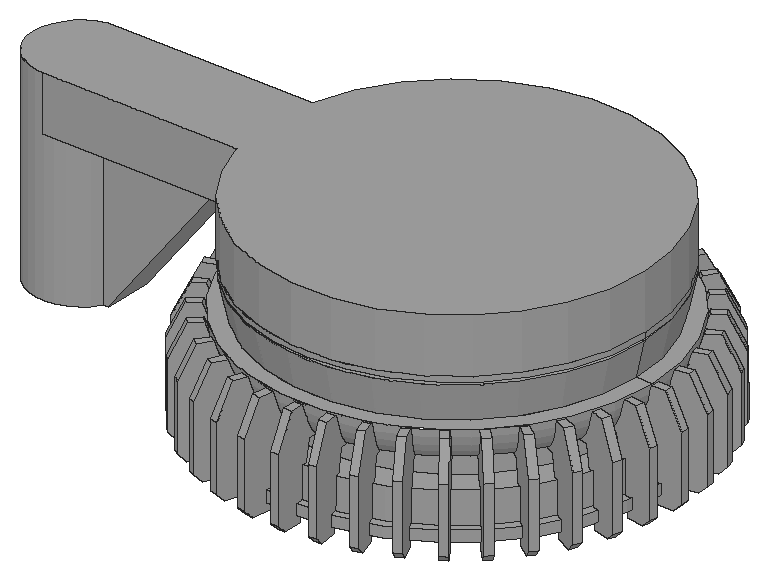
Revit family "KSL_Kemlu-Sanchion [0deg] Mount", category Lighting Fixtures, host Face, Revit 2021
Family settings
  Host = Face
  Round Connector Dimension = Use Diameter
  Part Type = Normal
  OmniClass Number = 23.80.70.14
  OmniClass Title = Luminaries for External Lighting
  Cut with Voids When Loaded = No
  Light Source = Yes
  Shared = No
  Room Calculation Point = No
Parameters (values of type "KSL-18L-X-5K-5M")
  Wattage Comments = "43 Watts"
  Wattage = 43 W
  Watt = 43 W
  built-in parameter 1150110 = 1 (stored number, unit not read)
  Voltage = 277 V
  URL = "https://www.currentlighting.com/columbia"
  built-in parameter 1114217 = 1 (stored number, unit not read)
  Tilt Angle = -90.00°
  built-in parameter 1150109 = 1 (stored number, unit not read)
  built-in parameter 1150134 = 2
  built-in parameter 1150113 = 1 (stored number, unit not read)
  Product Page URL = ""
  Product Documentation Link = ""
  Power Factor = 1
  Photometric Web File = "KXL-18L-X-5K-5M.ies"
  Optics = "Type V Square"
  Mount = "Stanchion 0˚"  # constant formula
  Model = "KSL - Kemlux III LED Series"  # constant formula
  Material Finish = Powdercoat - Gray
  Manufacturer = " Columbia Lighting"  # constant formula
  built-in parameter 1150105 = 352.45 (stored number, unit not read)
  Lumens = 4429 lm
  built-in parameter 1150115 = 1 (stored number, unit not read)
  Load Classification = Lighting
  built-in parameter 1150137 = (empty or 0)
  built-in parameter 1150139 = (empty or 0)
  built-in parameter 1150112 = 1 (stored number, unit not read)
  built-in parameter 1150114 = 1 (stored number, unit not read)
  Lamp = "18 High Performanc LEDs"
  built-in parameter 1150132 = (empty or 0)
  built-in parameter 1150102 = (empty or 0)
  built-in parameter 1150107 = 5000 (stored number, unit not read)
  built-in parameter 1150138 = (empty or 0)
  built-in parameter 1150106 = 3.5245 (stored number, unit not read)
  Glass = White Glass
  Emit from Circle Diameter = 0' - 11"
  Emit Shape Visible in Rendering = no
  built-in parameter 1150104 = 9.569 (stored number, unit not read)
  Dimming Lamp Color Temperature Shift = <None>
  Description = "Enclosed and gasketed LED fixture series"  # constant formula
  Default Elevation = 4' - 0"
  Color Filter = 16777215
  built-in parameter 1114218 = 1 (stored number, unit not read)
  built-in parameter 1150133 = 10 (stored number, unit not read)
  Apparent Load = Watt / Power Factor  # 43 VA
Reference planes (in)
  plane 1 "Center (Front/Back)": y = 0
  plane 2: z = 0
  plane 3 "Center (Left/Right)": x = 0
  plane 4: z = 6.5
  plane 5: z = 4.75
  plane 6: x = 12
  plane 7: y = 0.75
  plane 8: y = -0.75
  plane 9: y = 1.5
  plane 10: y = -1.5
Forms (in)
  Extrusion 1, solid, material "Powdercoat - Gray" <- "Material Finish"
    sketch origin (0, 0, 0) x (1, 0, 0) y (0, 1, 0)
      loop
        circle (0, 0) r 1.5
    from 0 to 6.5
  Extrusion 2, solid, material "Powdercoat - Gray" <- "Material Finish"
    sketch origin (0, 0, 0) x (1, 0, 0) y (0, 1, 0)
      loop
        line (0, 1.5) -> (0, -1.5) -> (6.19052, -1.5)
        arc (6.19052, -1.5) -> (18, 0) -> (6.19052, 1.5) r 6
        line (6.19052, 1.5) -> (0, 1.5)
    from 6.5 to 4.75
  Extrusion 3, solid, material "Powdercoat - Gray" <- "Material Finish"
    sketch origin (0, 0, 0) x (1, 0, 0) y (0, 0, 1)
      loop
        line (0, 5.53932) -> (0, 0) -> (1.5, 0) -> (5.759, 5.53932) -> (0, 5.53932)
    from 0.75 to -0.75
Cuts and joins
  joined: Extrusion 1, Extrusion 2, Extrusion 3
Lines and regions (in)
  reference lines
    curve 1: line (-5.55547, 0, 5.53932) -> (10.19453, 0, 5.53932)
    curve 2: line (7.29478, 0, 7.53677) -> (-0.62911, 0, -2.76915)
Dimensions and locks (in)
  plane 4 to plane 2 = 0' - 6 1/2"
  locked: plane 4 to plane 5 at 1.75
  locked: plane 6 to plane 3 "Center (Left/Right)" at 12
  equal spacing: plane 8, plane 1 "Center (Front/Back)", plane 7, locked at 0.75 each
  equal spacing: plane 9, plane 1 "Center (Front/Back)", plane 10, locked at 1.5 each
  aligned and locked: plane 2 to host face
  aligned and locked: level to host face
  aligned and locked: plane 4 to Extrusion 1
  aligned and locked: Extrusion 1 to plane 2
  aligned and locked: nested 1 to plane 6
  aligned and locked: plane 1 "Center (Front/Back)" to Extrusion 2 sketch curve
  aligned and locked: plane 6 to Extrusion 2 sketch curve
  aligned and locked: nested 1 to plane 1 "Center (Front/Back)"
  aligned and locked: plane 8 to Extrusion 3
  aligned and locked: plane 7 to Extrusion 3
  aligned and locked: plane 3 "Center (Left/Right)" to Extrusion 1 sketch curve
  aligned and locked: plane 1 "Center (Front/Back)" to Extrusion 1 sketch curve
  aligned and locked: plane 9 to cut or joined group of Extrusion 1, Extrusion 2, Extrusion 3
  aligned and locked: plane 10 to cut or joined group of Extrusion 1, Extrusion 2, Extrusion 3
  aligned and locked: Extrusion 2 to Extrusion 1
  aligned and locked: Extrusion 2 to plane 5
  aligned and locked: imposter light to plane 6
  aligned and locked: imposter light to nested 1
  aligned and locked: plane 1 "Center (Front/Back)" to imposter light
  aligned and locked: Extrusion 3 sketch curve to plane 3 "Center (Left/Right)"
  aligned and locked: plane 2 to Extrusion 3 sketch curve
  aligned and locked: curve 1 to Extrusion 3 sketch curve
  aligned and locked: curve 2 to Extrusion 3 sketch curve
Automatic sketch dimensions
  host sketch curve to host sketch curve = 8' - 0"  (x2)
  Extrusion 2 sketch curve to plane 3 "Center (Left/Right)" = 0' - 0"
  plane 8 to Extrusion 2 sketch curve = 0' - 0 3/4"
  Extrusion 2 sketch curve to plane 6 = 0' - 5.80948"
  plane 7 to Extrusion 2 sketch curve = 0' - 0 3/4"
  plane 5 to curve 1 = 0' - 0.78932"
  curve 1 to plane 3 "Center (Left/Right)" = 0' - 5.55547"
  curve 2 to plane 3 "Center (Left/Right)" = 0' - 0.62911"
  plane 4 to curve 2 = 0' - 1.03677"
  curve 2 to plane 6 = 0' - 4.70522"
  curve 1 to plane 6 = 0' - 1.80547"
  curve 2 to level = 0' - 2.76915"
  radius of Extrusion 1 sketch curve = 0' - 1 1/2"
Nested families (in)
  nested 1: "KSL" at (12, 0, 4.75) x (1, 0, 0) z (0, 0, -1), type "KSL"
Connectors (in)
  electrical at (12, 0, 4.5), driven by "Load Classification", driven by "Voltage", driven by "Apparent Load", driven by "Power Factor"
    settings: on nested 1, index 1, voltage 277 V, apparent load 43 VA, apparent load phase1 0 VA, apparent load phase2 0 VA, apparent load phase3 0 VA, power factor 1, load classification "Lighting", number of poles 1, system type 30, power factor state 1, is connector primary yes, connector utility no, sub classification motor no, connector description "Lighting Connector"
Definition of nested family "KSL"
  Parameters
    Wattage Comments = ""
    URL = ""
    Model = ""
    Material Finish = none
    Manufacturer = ""
    Lamp = ""
    IES FILE LINK = ""
    Glass = none
    Description = ""
    Default Elevation = 4' - 0"
    Apparent Load = 0 VA
  Reference planes (in)
    plane 1 "Center (Front/Back)": y = 0
    plane 2: z = 0
    plane 3 "Center (Left/Right)": x = 0
    plane 4: x = -7.25
    plane 5: x = 7.25
    plane 6: x = -5.5
    plane 7: x = 5.5
  Forms (in)
    Extrusion 1, solid
      sketch origin (0, 0, 0) x (1, 0, 0) y (0, 1, 0)
        loop
          line (-48, 48) -> (-48, -48) -> (48, -48) -> (48, 48) -> (-48, 48)
      from 0 to -12
    Revolve 2, solid, material <- "Material Finish"
      sketch origin (0, 0, -1.3125) x (1, 0, 0) y (0, 0, 1)
        loop
          line (5.73742, 2.6875) -> (6.24933, 2.6875)
          arc (6.24933, 2.6875) -> (6.15662, 3.19814) -> (5.89032, 3.6436) r 1.45262
          line (5.89032, 3.6436) -> (5.5, 3.6436) -> (5.5, 4.37254) -> (6.34375, 4.37254) -> (6.34375, 5.37007) -> (6.59375, 5.37007) -> (6.59375, 5.71977) -> (5.95302, 5.71977) -> (5.95302, 4.75) -> (0, 4.75) -> (0, 1.3125) -> (6, 1.3125) -> (6, 1.47979) -> (5.5, 1.47979) -> (5.5, 1.5625) -> (5.99031, 1.5625) -> (5.73742, 2.6875)
        axis (0, 5.71977) -> (0, 1.3125)
      angle from 0 to 360
    Extrusion 3, solid, material <- "Glass"
      sketch origin (0, 0, -1.3125) x (1, 0, 0) y (0, 1, 0)
        loop
          circle (0, 0) r 5.95302
      from 5.71977 to 5.56262
    Extrusion 4, solid, material <- "Material Finish"
      sketch origin (0, 0, -1.3125) x (1, 0, 0) y (0, 0, 1)
        loop
          line (6.42821, 6) -> (6.42821, 5.66655) -> (6.045, 3.7335) -> (5.75, 3.7335) -> (5.75, 3.06247) -> (6.1875, 3.06247) -> (6.31956, 2.66852) -> (6.75, 2.66852) -> (7.25, 3.69367) -> (7.25, 5.75) -> (7, 6) -> (6.42821, 6)
      from 0.125 to -0.125
    Extrusion 5, solid, material <- "Material Finish"
      sketch origin (0, 0, -1.3125) x (0.987688, -0.156434, 0) y (0, 0, 1)
        loop
          line (6.42821, 6) -> (6.42821, 5.66655) -> (6.045, 3.7335) -> (5.75, 3.7335) -> (5.75, 3.06247) -> (6.1875, 3.06247) -> (6.31956, 2.66852) -> (6.75, 2.66852) -> (7.25, 3.69367) -> (7.25, 5.75) -> (7, 6) -> (6.42821, 6)
      from 0.125 to -0.125
    Extrusion 6, solid, material <- "Material Finish"
      sketch origin (0, 0, -1.3125) x (0.951057, -0.309017, 0) y (0, 0, 1)
        loop
          line (6.42821, 6) -> (6.42821, 5.66655) -> (6.045, 3.7335) -> (5.75, 3.7335) -> (5.75, 3.06247) -> (6.1875, 3.06247) -> (6.31956, 2.66852) -> (6.75, 2.66852) -> (7.25, 3.69367) -> (7.25, 5.75) -> (7, 6) -> (6.42821, 6)
      from 0.125 to -0.125
    Extrusion 7, solid, material <- "Material Finish"
      sketch origin (0, 0, -1.3125) x (0.891007, -0.45399, 0) y (0, 0, 1)
        loop
          line (6.42821, 6) -> (6.42821, 5.66655) -> (6.045, 3.7335) -> (5.75, 3.7335) -> (5.75, 3.06247) -> (6.1875, 3.06247) -> (6.31956, 2.66852) -> (6.75, 2.66852) -> (7.25, 3.69367) -> (7.25, 5.75) -> (7, 6) -> (6.42821, 6)
      from 0.125 to -0.125
    Extrusion 8, solid, material <- "Material Finish"
      sketch origin (0, 0, -1.3125) x (0.809017, -0.587785, 0) y (0, 0, 1)
        loop
          line (6.42821, 6) -> (6.42821, 5.66655) -> (6.045, 3.7335) -> (5.75, 3.7335) -> (5.75, 3.06247) -> (6.1875, 3.06247) -> (6.31956, 2.66852) -> (6.75, 2.66852) -> (7.25, 3.69367) -> (7.25, 5.75) -> (7, 6) -> (6.42821, 6)
      from 0.125 to -0.125
    Extrusion 9, solid, material <- "Material Finish"
      sketch origin (0, 0, -1.3125) x (0.707107, -0.707107, 0) y (0, 0, 1)
        loop
          line (6.42821, 6) -> (6.42821, 5.66655) -> (6.045, 3.7335) -> (5.75, 3.7335) -> (5.75, 3.06247) -> (6.1875, 3.06247) -> (6.31956, 2.66852) -> (6.75, 2.66852) -> (7.25, 3.69367) -> (7.25, 5.75) -> (7, 6) -> (6.42821, 6)
      from 0.125 to -0.125
    Extrusion 10, solid, material <- "Material Finish"
      sketch origin (0, 0, -1.3125) x (0.587785, -0.809017, 0) y (0, 0, 1)
        loop
          line (6.42821, 6) -> (6.42821, 5.66655) -> (6.045, 3.7335) -> (5.75, 3.7335) -> (5.75, 3.06247) -> (6.1875, 3.06247) -> (6.31956, 2.66852) -> (6.75, 2.66852) -> (7.25, 3.69367) -> (7.25, 5.75) -> (7, 6) -> (6.42821, 6)
      from 0.125 to -0.125
    Extrusion 11, solid, material <- "Material Finish"
      sketch origin (0, 0, -1.3125) x (0.45399, -0.891007, 0) y (0, 0, 1)
        loop
          line (6.42821, 6) -> (6.42821, 5.66655) -> (6.045, 3.7335) -> (5.75, 3.7335) -> (5.75, 3.06247) -> (6.1875, 3.06247) -> (6.31956, 2.66852) -> (6.75, 2.66852) -> (7.25, 3.69367) -> (7.25, 5.75) -> (7, 6) -> (6.42821, 6)
      from 0.125 to -0.125
    Extrusion 12, solid, material <- "Material Finish"
      sketch origin (0, 0, -1.3125) x (0.309017, -0.951057, 0) y (0, 0, 1)
        loop
          line (6.42821, 6) -> (6.42821, 5.66655) -> (6.045, 3.7335) -> (5.75, 3.7335) -> (5.75, 3.06247) -> (6.1875, 3.06247) -> (6.31956, 2.66852) -> (6.75, 2.66852) -> (7.25, 3.69367) -> (7.25, 5.75) -> (7, 6) -> (6.42821, 6)
      from 0.125 to -0.125
    Extrusion 13, solid, material <- "Material Finish"
      sketch origin (0, 0, -1.3125) x (0.156434, -0.987688, 0) y (0, 0, 1)
        loop
          line (6.42821, 6) -> (6.42821, 5.66655) -> (6.045, 3.7335) -> (5.75, 3.7335) -> (5.75, 3.06247) -> (6.1875, 3.06247) -> (6.31956, 2.66852) -> (6.75, 2.66852) -> (7.25, 3.69367) -> (7.25, 5.75) -> (7, 6) -> (6.42821, 6)
      from 0.125 to -0.125
    Extrusion 14, solid, material <- "Material Finish"
      sketch origin (0, 0, -1.3125) x (0, -1, 0) y (0, 0, 1)
        loop
          line (6.42821, 6) -> (6.42821, 5.66655) -> (6.045, 3.7335) -> (5.75, 3.7335) -> (5.75, 3.06247) -> (6.1875, 3.06247) -> (6.31956, 2.66852) -> (6.75, 2.66852) -> (7.25, 3.69367) -> (7.25, 5.75) -> (7, 6) -> (6.42821, 6)
      from 0.125 to -0.125
    Extrusion 15, solid, material <- "Material Finish"
      sketch origin (0, 0, -1.3125) x (-0.156434, -0.987688, 0) y (0, 0, 1)
        loop
          line (6.42821, 6) -> (6.42821, 5.66655) -> (6.045, 3.7335) -> (5.75, 3.7335) -> (5.75, 3.06247) -> (6.1875, 3.06247) -> (6.31956, 2.66852) -> (6.75, 2.66852) -> (7.25, 3.69367) -> (7.25, 5.75) -> (7, 6) -> (6.42821, 6)
      from 0.125 to -0.125
    Extrusion 16, solid, material <- "Material Finish"
      sketch origin (0, 0, -1.3125) x (-0.309017, -0.951057, 0) y (0, 0, 1)
        loop
          line (6.42821, 6) -> (6.42821, 5.66655) -> (6.045, 3.7335) -> (5.75, 3.7335) -> (5.75, 3.06247) -> (6.1875, 3.06247) -> (6.31956, 2.66852) -> (6.75, 2.66852) -> (7.25, 3.69367) -> (7.25, 5.75) -> (7, 6) -> (6.42821, 6)
      from 0.125 to -0.125
    Extrusion 17, solid, material <- "Material Finish"
      sketch origin (0, 0, -1.3125) x (-0.45399, -0.891007, 0) y (0, 0, 1)
        loop
          line (6.42821, 6) -> (6.42821, 5.66655) -> (6.045, 3.7335) -> (5.75, 3.7335) -> (5.75, 3.06247) -> (6.1875, 3.06247) -> (6.31956, 2.66852) -> (6.75, 2.66852) -> (7.25, 3.69367) -> (7.25, 5.75) -> (7, 6) -> (6.42821, 6)
      from 0.125 to -0.125
    Extrusion 18, solid, material <- "Material Finish"
      sketch origin (0, 0, -1.3125) x (-0.587785, -0.809017, 0) y (0, 0, 1)
        loop
          line (6.42821, 6) -> (6.42821, 5.66655) -> (6.045, 3.7335) -> (5.75, 3.7335) -> (5.75, 3.06247) -> (6.1875, 3.06247) -> (6.31956, 2.66852) -> (6.75, 2.66852) -> (7.25, 3.69367) -> (7.25, 5.75) -> (7, 6) -> (6.42821, 6)
      from 0.125 to -0.125
    Extrusion 19, solid, material <- "Material Finish"
      sketch origin (0, 0, -1.3125) x (-0.707107, -0.707107, 0) y (0, 0, 1)
        loop
          line (6.42821, 6) -> (6.42821, 5.66655) -> (6.045, 3.7335) -> (5.75, 3.7335) -> (5.75, 3.06247) -> (6.1875, 3.06247) -> (6.31956, 2.66852) -> (6.75, 2.66852) -> (7.25, 3.69367) -> (7.25, 5.75) -> (7, 6) -> (6.42821, 6)
      from 0.125 to -0.125
    Extrusion 20, solid, material <- "Material Finish"
      sketch origin (0, 0, -1.3125) x (-0.809017, -0.587785, 0) y (0, 0, 1)
        loop
          line (6.42821, 6) -> (6.42821, 5.66655) -> (6.045, 3.7335) -> (5.75, 3.7335) -> (5.75, 3.06247) -> (6.1875, 3.06247) -> (6.31956, 2.66852) -> (6.75, 2.66852) -> (7.25, 3.69367) -> (7.25, 5.75) -> (7, 6) -> (6.42821, 6)
      from 0.125 to -0.125
    Extrusion 21, solid, material <- "Material Finish"
      sketch origin (0, 0, -1.3125) x (-0.891007, -0.45399, 0) y (0, 0, 1)
        loop
          line (6.42821, 6) -> (6.42821, 5.66655) -> (6.045, 3.7335) -> (5.75, 3.7335) -> (5.75, 3.06247) -> (6.1875, 3.06247) -> (6.31956, 2.66852) -> (6.75, 2.66852) -> (7.25, 3.69367) -> (7.25, 5.75) -> (7, 6) -> (6.42821, 6)
      from 0.125 to -0.125
    Extrusion 22, solid, material <- "Material Finish"
      sketch origin (0, 0, -1.3125) x (-0.951057, -0.309017, 0) y (0, 0, 1)
        loop
          line (6.42821, 6) -> (6.42821, 5.66655) -> (6.045, 3.7335) -> (5.75, 3.7335) -> (5.75, 3.06247) -> (6.1875, 3.06247) -> (6.31956, 2.66852) -> (6.75, 2.66852) -> (7.25, 3.69367) -> (7.25, 5.75) -> (7, 6) -> (6.42821, 6)
      from 0.125 to -0.125
    Extrusion 23, solid, material <- "Material Finish"
      sketch origin (0, 0, -1.3125) x (-0.987688, -0.156434, 0) y (0, 0, 1)
        loop
          line (6.42821, 6) -> (6.42821, 5.66655) -> (6.045, 3.7335) -> (5.75, 3.7335) -> (5.75, 3.06247) -> (6.1875, 3.06247) -> (6.31956, 2.66852) -> (6.75, 2.66852) -> (7.25, 3.69367) -> (7.25, 5.75) -> (7, 6) -> (6.42821, 6)
      from 0.125 to -0.125
    Extrusion 24, solid, material <- "Material Finish"
      sketch origin (0, 0, -1.3125) x (-1, 0, 0) y (0, 0, 1)
        loop
          line (6.42821, 6) -> (6.42821, 5.66655) -> (6.045, 3.7335) -> (5.75, 3.7335) -> (5.75, 3.06247) -> (6.1875, 3.06247) -> (6.31956, 2.66852) -> (6.75, 2.66852) -> (7.25, 3.69367) -> (7.25, 5.75) -> (7, 6) -> (6.42821, 6)
      from 0.125 to -0.125
    Extrusion 25, solid, material <- "Material Finish"
      sketch origin (0, 0, -1.3125) x (-0.987688, 0.156434, 0) y (0, 0, 1)
        loop
          line (6.42821, 6) -> (6.42821, 5.66655) -> (6.045, 3.7335) -> (5.75, 3.7335) -> (5.75, 3.06247) -> (6.1875, 3.06247) -> (6.31956, 2.66852) -> (6.75, 2.66852) -> (7.25, 3.69367) -> (7.25, 5.75) -> (7, 6) -> (6.42821, 6)
      from 0.125 to -0.125
    Extrusion 26, solid, material <- "Material Finish"
      sketch origin (0, 0, -1.3125) x (-0.951057, 0.309017, 0) y (0, 0, 1)
        loop
          line (6.42821, 6) -> (6.42821, 5.66655) -> (6.045, 3.7335) -> (5.75, 3.7335) -> (5.75, 3.06247) -> (6.1875, 3.06247) -> (6.31956, 2.66852) -> (6.75, 2.66852) -> (7.25, 3.69367) -> (7.25, 5.75) -> (7, 6) -> (6.42821, 6)
      from 0.125 to -0.125
    Extrusion 27, solid, material <- "Material Finish"
      sketch origin (0, 0, -1.3125) x (-0.891007, 0.45399, 0) y (0, 0, 1)
        loop
          line (6.42821, 6) -> (6.42821, 5.66655) -> (6.045, 3.7335) -> (5.75, 3.7335) -> (5.75, 3.06247) -> (6.1875, 3.06247) -> (6.31956, 2.66852) -> (6.75, 2.66852) -> (7.25, 3.69367) -> (7.25, 5.75) -> (7, 6) -> (6.42821, 6)
      from 0.125 to -0.125
    Extrusion 28, solid, material <- "Material Finish"
      sketch origin (0, 0, -1.3125) x (-0.809017, 0.587785, 0) y (0, 0, 1)
        loop
          line (6.42821, 6) -> (6.42821, 5.66655) -> (6.045, 3.7335) -> (5.75, 3.7335) -> (5.75, 3.06247) -> (6.1875, 3.06247) -> (6.31956, 2.66852) -> (6.75, 2.66852) -> (7.25, 3.69367) -> (7.25, 5.75) -> (7, 6) -> (6.42821, 6)
      from 0.125 to -0.125
    Extrusion 29, solid, material <- "Material Finish"
      sketch origin (0, 0, -1.3125) x (-0.707107, 0.707107, 0) y (0, 0, 1)
        loop
          line (6.42821, 6) -> (6.42821, 5.66655) -> (6.045, 3.7335) -> (5.75, 3.7335) -> (5.75, 3.06247) -> (6.1875, 3.06247) -> (6.31956, 2.66852) -> (6.75, 2.66852) -> (7.25, 3.69367) -> (7.25, 5.75) -> (7, 6) -> (6.42821, 6)
      from 0.125 to -0.125
    Extrusion 30, solid, material <- "Material Finish"
      sketch origin (0, 0, -1.3125) x (-0.587785, 0.809017, 0) y (0, 0, 1)
        loop
          line (6.42821, 6) -> (6.42821, 5.66655) -> (6.045, 3.7335) -> (5.75, 3.7335) -> (5.75, 3.06247) -> (6.1875, 3.06247) -> (6.31956, 2.66852) -> (6.75, 2.66852) -> (7.25, 3.69367) -> (7.25, 5.75) -> (7, 6) -> (6.42821, 6)
      from 0.125 to -0.125
    Extrusion 31, solid, material <- "Material Finish"
      sketch origin (0, 0, -1.3125) x (-0.45399, 0.891007, 0) y (0, 0, 1)
        loop
          line (6.42821, 6) -> (6.42821, 5.66655) -> (6.045, 3.7335) -> (5.75, 3.7335) -> (5.75, 3.06247) -> (6.1875, 3.06247) -> (6.31956, 2.66852) -> (6.75, 2.66852) -> (7.25, 3.69367) -> (7.25, 5.75) -> (7, 6) -> (6.42821, 6)
      from 0.125 to -0.125
    Extrusion 32, solid, material <- "Material Finish"
      sketch origin (0, 0, -1.3125) x (-0.309017, 0.951057, 0) y (0, 0, 1)
        loop
          line (6.42821, 6) -> (6.42821, 5.66655) -> (6.045, 3.7335) -> (5.75, 3.7335) -> (5.75, 3.06247) -> (6.1875, 3.06247) -> (6.31956, 2.66852) -> (6.75, 2.66852) -> (7.25, 3.69367) -> (7.25, 5.75) -> (7, 6) -> (6.42821, 6)
      from 0.125 to -0.125
    Extrusion 33, solid, material <- "Material Finish"
      sketch origin (0, 0, -1.3125) x (-0.156434, 0.987688, 0) y (0, 0, 1)
        loop
          line (6.42821, 6) -> (6.42821, 5.66655) -> (6.045, 3.7335) -> (5.75, 3.7335) -> (5.75, 3.06247) -> (6.1875, 3.06247) -> (6.31956, 2.66852) -> (6.75, 2.66852) -> (7.25, 3.69367) -> (7.25, 5.75) -> (7, 6) -> (6.42821, 6)
      from 0.125 to -0.125
    Extrusion 34, solid, material <- "Material Finish"
      sketch origin (0, 0, -1.3125) x (0, 1, 0) y (0, 0, 1)
        loop
          line (6.42821, 6) -> (6.42821, 5.66655) -> (6.045, 3.7335) -> (5.75, 3.7335) -> (5.75, 3.06247) -> (6.1875, 3.06247) -> (6.31956, 2.66852) -> (6.75, 2.66852) -> (7.25, 3.69367) -> (7.25, 5.75) -> (7, 6) -> (6.42821, 6)
      from 0.125 to -0.125
    Extrusion 35, solid, material <- "Material Finish"
      sketch origin (0, 0, -1.3125) x (0.156434, 0.987688, 0) y (0, 0, 1)
        loop
          line (6.42821, 6) -> (6.42821, 5.66655) -> (6.045, 3.7335) -> (5.75, 3.7335) -> (5.75, 3.06247) -> (6.1875, 3.06247) -> (6.31956, 2.66852) -> (6.75, 2.66852) -> (7.25, 3.69367) -> (7.25, 5.75) -> (7, 6) -> (6.42821, 6)
      from 0.125 to -0.125
    Extrusion 36, solid, material <- "Material Finish"
      sketch origin (0, 0, -1.3125) x (0.309017, 0.951057, 0) y (0, 0, 1)
        loop
          line (6.42821, 6) -> (6.42821, 5.66655) -> (6.045, 3.7335) -> (5.75, 3.7335) -> (5.75, 3.06247) -> (6.1875, 3.06247) -> (6.31956, 2.66852) -> (6.75, 2.66852) -> (7.25, 3.69367) -> (7.25, 5.75) -> (7, 6) -> (6.42821, 6)
      from 0.125 to -0.125
    Extrusion 37, solid, material <- "Material Finish"
      sketch origin (0, 0, -1.3125) x (0.45399, 0.891007, 0) y (0, 0, 1)
        loop
          line (6.42821, 6) -> (6.42821, 5.66655) -> (6.045, 3.7335) -> (5.75, 3.7335) -> (5.75, 3.06247) -> (6.1875, 3.06247) -> (6.31956, 2.66852) -> (6.75, 2.66852) -> (7.25, 3.69367) -> (7.25, 5.75) -> (7, 6) -> (6.42821, 6)
      from 0.125 to -0.125
    Extrusion 38, solid, material <- "Material Finish"
      sketch origin (0, 0, -1.3125) x (0.587785, 0.809017, 0) y (0, 0, 1)
        loop
          line (6.42821, 6) -> (6.42821, 5.66655) -> (6.045, 3.7335) -> (5.75, 3.7335) -> (5.75, 3.06247) -> (6.1875, 3.06247) -> (6.31956, 2.66852) -> (6.75, 2.66852) -> (7.25, 3.69367) -> (7.25, 5.75) -> (7, 6) -> (6.42821, 6)
      from 0.125 to -0.125
    Extrusion 39, solid, material <- "Material Finish"
      sketch origin (0, 0, -1.3125) x (0.707107, 0.707107, 0) y (0, 0, 1)
        loop
          line (6.42821, 6) -> (6.42821, 5.66655) -> (6.045, 3.7335) -> (5.75, 3.7335) -> (5.75, 3.06247) -> (6.1875, 3.06247) -> (6.31956, 2.66852) -> (6.75, 2.66852) -> (7.25, 3.69367) -> (7.25, 5.75) -> (7, 6) -> (6.42821, 6)
      from 0.125 to -0.125
    Extrusion 40, solid, material <- "Material Finish"
      sketch origin (0, 0, -1.3125) x (0.809017, 0.587785, 0) y (0, 0, 1)
        loop
          line (6.42821, 6) -> (6.42821, 5.66655) -> (6.045, 3.7335) -> (5.75, 3.7335) -> (5.75, 3.06247) -> (6.1875, 3.06247) -> (6.31956, 2.66852) -> (6.75, 2.66852) -> (7.25, 3.69367) -> (7.25, 5.75) -> (7, 6) -> (6.42821, 6)
      from 0.125 to -0.125
    Extrusion 41, solid, material <- "Material Finish"
      sketch origin (0, 0, -1.3125) x (0.891007, 0.45399, 0) y (0, 0, 1)
        loop
          line (6.42821, 6) -> (6.42821, 5.66655) -> (6.045, 3.7335) -> (5.75, 3.7335) -> (5.75, 3.06247) -> (6.1875, 3.06247) -> (6.31956, 2.66852) -> (6.75, 2.66852) -> (7.25, 3.69367) -> (7.25, 5.75) -> (7, 6) -> (6.42821, 6)
      from 0.125 to -0.125
    Extrusion 42, solid, material <- "Material Finish"
      sketch origin (0, 0, -1.3125) x (0.951057, 0.309017, 0) y (0, 0, 1)
        loop
          line (6.42821, 6) -> (6.42821, 5.66655) -> (6.045, 3.7335) -> (5.75, 3.7335) -> (5.75, 3.06247) -> (6.1875, 3.06247) -> (6.31956, 2.66852) -> (6.75, 2.66852) -> (7.25, 3.69367) -> (7.25, 5.75) -> (7, 6) -> (6.42821, 6)
      from 0.125 to -0.125
    Extrusion 43, solid, material <- "Material Finish"
      sketch origin (0, 0, -1.3125) x (0.987688, 0.156434, 0) y (0, 0, 1)
        loop
          line (6.42821, 6) -> (6.42821, 5.66655) -> (6.045, 3.7335) -> (5.75, 3.7335) -> (5.75, 3.06247) -> (6.1875, 3.06247) -> (6.31956, 2.66852) -> (6.75, 2.66852) -> (7.25, 3.69367) -> (7.25, 5.75) -> (7, 6) -> (6.42821, 6)
      from 0.125 to -0.125
  Lines and regions (in)
    reference lines
      curve 1: line (5.95302, 0, 4.75) -> (0, 0, 4.75)
      curve 2: line (5.95302, 0, 5.92266) -> (5.95302, 0, 4.75)
      curve 3: line (6.59375, 0, 5.37007) -> (6.59375, 0, 5.92266)
      curve 4: line (6.34375, 0, 5.37007) -> (6.59375, 0, 5.37007)
      curve 5: line (6.34375, 0, 4.37254) -> (5.5, 0, 4.37254)
      curve 6: line (6.34375, 0, 4.37254) -> (6.34375, 0, 5.37007)
      curve 7: arc (6.25, 0, 2.75) -> (6.14885, 0, 3.28681) -> (5.85927, 0, 3.75) r 1.47501
      curve 8: line (5.85927, 0, 2.75) -> (6.25, 0, 2.75)
      curve 9: line (5.85927, 0, 2.75) -> (5.85927, 0, 1.75)
      curve 10: line (5.85927, 0, 1.75) -> (4.74529, 0, 1.75)
      curve 11: line (5.85927, 0, 3.75) -> (4.8978, 0, 3.75)
      curve 12: line (5.10824, 0, 5.71977) -> (6.99125, 0, 5.71977)
  Dimensions and locks (in)
    equal spacing: plane 5, plane 3 "Center (Left/Right)", plane 4
    locked: plane 5 to plane 4 at 14.5
    equal spacing: plane 7, plane 3 "Center (Left/Right)", plane 6, locked at 5.5 each
    aligned and locked: plane 2 to Extrusion 1
    aligned and locked: level to Extrusion 1
    aligned and locked: Extrusion 3 sketch curve to Revolve 2
  Automatic sketch dimensions
    Extrusion 4 sketch curve to Extrusion 4 sketch curve = 0' - 0 7/16"
    Extrusion 4 sketch curve to Extrusion 4 sketch curve = 0' - 0.13206"
    Extrusion 4 sketch curve to Extrusion 4 sketch curve = 0' - 0.295"
    Extrusion 4 sketch curve to Extrusion 4 sketch curve = 0' - 0.38321"
    Extrusion 4 sketch curve to Extrusion 4 sketch curve = 0' - 0.43044"
    Extrusion 4 sketch curve to Extrusion 4 sketch curve = 0' - 0.57179"
    Extrusion 4 sketch curve to Extrusion 4 sketch curve = 0' - 0 1/4"  (x2)
    Extrusion 4 sketch curve to Extrusion 4 sketch curve = 0' - 0.39395"
    Extrusion 4 sketch curve to Extrusion 4 sketch curve = 0' - 1.02515"
    Extrusion 4 sketch curve to Extrusion 4 sketch curve = 0' - 0.67103"
    Extrusion 4 sketch curve to Extrusion 4 sketch curve = 0' - 1.93305"
    Extrusion 4 sketch curve to Extrusion 4 sketch curve = 0' - 0.08345"
    Extrusion 5 sketch curve to Extrusion 5 sketch curve = 0' - 0 7/16"
    Extrusion 5 sketch curve to Extrusion 5 sketch curve = 0' - 0.13206"
    Extrusion 5 sketch curve to Extrusion 5 sketch curve = 0' - 0.295"
    Extrusion 5 sketch curve to Extrusion 5 sketch curve = 0' - 0.38321"
    Extrusion 5 sketch curve to Extrusion 5 sketch curve = 0' - 0.43044"
    Extrusion 5 sketch curve to Extrusion 5 sketch curve = 0' - 0.57179"
    Extrusion 5 sketch curve to Extrusion 5 sketch curve = 0' - 0 1/4"  (x2)
    Extrusion 5 sketch curve to Extrusion 5 sketch curve = 0' - 0.39395"
    Extrusion 5 sketch curve to Extrusion 5 sketch curve = 0' - 1.02515"
    Extrusion 5 sketch curve to Extrusion 5 sketch curve = 0' - 0.67103"
    Extrusion 5 sketch curve to Extrusion 5 sketch curve = 0' - 1.93305"
    Extrusion 5 sketch curve to Extrusion 5 sketch curve = 0' - 0.08345"
    Extrusion 6 sketch curve to Extrusion 6 sketch curve = 0' - 0 7/16"
    Extrusion 6 sketch curve to Extrusion 6 sketch curve = 0' - 0.13206"
    Extrusion 6 sketch curve to Extrusion 6 sketch curve = 0' - 0.295"
    Extrusion 6 sketch curve to Extrusion 6 sketch curve = 0' - 0.38321"
    Extrusion 6 sketch curve to Extrusion 6 sketch curve = 0' - 0.43044"
    Extrusion 6 sketch curve to Extrusion 6 sketch curve = 0' - 0.57179"
    Extrusion 6 sketch curve to Extrusion 6 sketch curve = 0' - 0 1/4"  (x2)
    Extrusion 6 sketch curve to Extrusion 6 sketch curve = 0' - 0.39395"
    Extrusion 6 sketch curve to Extrusion 6 sketch curve = 0' - 1.02515"
    Extrusion 6 sketch curve to Extrusion 6 sketch curve = 0' - 0.67103"
    Extrusion 6 sketch curve to Extrusion 6 sketch curve = 0' - 1.93305"
    Extrusion 6 sketch curve to Extrusion 6 sketch curve = 0' - 0.08345"
    Extrusion 7 sketch curve to Extrusion 7 sketch curve = 0' - 0 7/16"
    Extrusion 7 sketch curve to Extrusion 7 sketch curve = 0' - 0.13206"
    Extrusion 7 sketch curve to Extrusion 7 sketch curve = 0' - 0.295"
    Extrusion 7 sketch curve to Extrusion 7 sketch curve = 0' - 0.38321"
    Extrusion 7 sketch curve to Extrusion 7 sketch curve = 0' - 0.43044"
    Extrusion 7 sketch curve to Extrusion 7 sketch curve = 0' - 0.57179"
    Extrusion 7 sketch curve to Extrusion 7 sketch curve = 0' - 0 1/4"  (x2)
    Extrusion 7 sketch curve to Extrusion 7 sketch curve = 0' - 0.39395"
    Extrusion 7 sketch curve to Extrusion 7 sketch curve = 0' - 1.02515"
    Extrusion 7 sketch curve to Extrusion 7 sketch curve = 0' - 0.67103"
    Extrusion 7 sketch curve to Extrusion 7 sketch curve = 0' - 1.93305"
    Extrusion 7 sketch curve to Extrusion 7 sketch curve = 0' - 0.08345"
    Extrusion 8 sketch curve to Extrusion 8 sketch curve = 0' - 0 7/16"
    Extrusion 8 sketch curve to Extrusion 8 sketch curve = 0' - 0.13206"
    Extrusion 8 sketch curve to Extrusion 8 sketch curve = 0' - 0.295"
    Extrusion 8 sketch curve to Extrusion 8 sketch curve = 0' - 0.38321"
    Extrusion 8 sketch curve to Extrusion 8 sketch curve = 0' - 0.43044"
    Extrusion 8 sketch curve to Extrusion 8 sketch curve = 0' - 0.57179"
    Extrusion 8 sketch curve to Extrusion 8 sketch curve = 0' - 0 1/4"  (x2)
    Extrusion 8 sketch curve to Extrusion 8 sketch curve = 0' - 0.39395"
    Extrusion 8 sketch curve to Extrusion 8 sketch curve = 0' - 1.02515"
    Extrusion 8 sketch curve to Extrusion 8 sketch curve = 0' - 0.67103"
    Extrusion 8 sketch curve to Extrusion 8 sketch curve = 0' - 1.93305"
    Extrusion 8 sketch curve to Extrusion 8 sketch curve = 0' - 0.08345"
    Extrusion 9 sketch curve to Extrusion 9 sketch curve = 0' - 0 7/16"
    Extrusion 9 sketch curve to Extrusion 9 sketch curve = 0' - 0.13206"
    Extrusion 9 sketch curve to Extrusion 9 sketch curve = 0' - 0.295"
    Extrusion 9 sketch curve to Extrusion 9 sketch curve = 0' - 0.38321"
    Extrusion 9 sketch curve to Extrusion 9 sketch curve = 0' - 0.43044"
    Extrusion 9 sketch curve to Extrusion 9 sketch curve = 0' - 0.57179"
    Extrusion 9 sketch curve to Extrusion 9 sketch curve = 0' - 0 1/4"  (x2)
    Extrusion 9 sketch curve to Extrusion 9 sketch curve = 0' - 0.39395"
    Extrusion 9 sketch curve to Extrusion 9 sketch curve = 0' - 1.02515"
    Extrusion 9 sketch curve to Extrusion 9 sketch curve = 0' - 0.67103"
    Extrusion 9 sketch curve to Extrusion 9 sketch curve = 0' - 1.93305"
    Extrusion 9 sketch curve to Extrusion 9 sketch curve = 0' - 0.08345"
    Extrusion 10 sketch curve to Extrusion 10 sketch curve = 0' - 0 7/16"
    Extrusion 10 sketch curve to Extrusion 10 sketch curve = 0' - 0.13206"
    Extrusion 10 sketch curve to Extrusion 10 sketch curve = 0' - 0.295"
    Extrusion 10 sketch curve to Extrusion 10 sketch curve = 0' - 0.38321"
    Extrusion 10 sketch curve to Extrusion 10 sketch curve = 0' - 0.43044"
    Extrusion 10 sketch curve to Extrusion 10 sketch curve = 0' - 0.57179"
    Extrusion 10 sketch curve to Extrusion 10 sketch curve = 0' - 0 1/4"  (x2)
    Extrusion 10 sketch curve to Extrusion 10 sketch curve = 0' - 0.39395"
    Extrusion 10 sketch curve to Extrusion 10 sketch curve = 0' - 1.02515"
    Extrusion 10 sketch curve to Extrusion 10 sketch curve = 0' - 0.67103"
    Extrusion 10 sketch curve to Extrusion 10 sketch curve = 0' - 1.93305"
    Extrusion 10 sketch curve to Extrusion 10 sketch curve = 0' - 0.08345"
    Extrusion 11 sketch curve to Extrusion 11 sketch curve = 0' - 0 7/16"
    Extrusion 11 sketch curve to Extrusion 11 sketch curve = 0' - 0.13206"
    Extrusion 11 sketch curve to Extrusion 11 sketch curve = 0' - 0.295"
    Extrusion 11 sketch curve to Extrusion 11 sketch curve = 0' - 0.38321"
    Extrusion 11 sketch curve to Extrusion 11 sketch curve = 0' - 0.43044"
    Extrusion 11 sketch curve to Extrusion 11 sketch curve = 0' - 0.57179"
    Extrusion 11 sketch curve to Extrusion 11 sketch curve = 0' - 0 1/4"  (x2)
    Extrusion 11 sketch curve to Extrusion 11 sketch curve = 0' - 0.39395"
    Extrusion 11 sketch curve to Extrusion 11 sketch curve = 0' - 1.02515"
    Extrusion 11 sketch curve to Extrusion 11 sketch curve = 0' - 0.67103"
    Extrusion 11 sketch curve to Extrusion 11 sketch curve = 0' - 1.93305"
    Extrusion 11 sketch curve to Extrusion 11 sketch curve = 0' - 0.08345"
    Extrusion 12 sketch curve to Extrusion 12 sketch curve = 0' - 0 7/16"
    Extrusion 12 sketch curve to Extrusion 12 sketch curve = 0' - 0.13206"
    Extrusion 12 sketch curve to Extrusion 12 sketch curve = 0' - 0.295"
    Extrusion 12 sketch curve to Extrusion 12 sketch curve = 0' - 0.38321"
    Extrusion 12 sketch curve to Extrusion 12 sketch curve = 0' - 0.43044"
    Extrusion 12 sketch curve to Extrusion 12 sketch curve = 0' - 0.57179"
    Extrusion 12 sketch curve to Extrusion 12 sketch curve = 0' - 0 1/4"  (x2)
    Extrusion 12 sketch curve to Extrusion 12 sketch curve = 0' - 0.39395"
    Extrusion 12 sketch curve to Extrusion 12 sketch curve = 0' - 1.02515"
    Extrusion 12 sketch curve to Extrusion 12 sketch curve = 0' - 0.67103"
    Extrusion 12 sketch curve to Extrusion 12 sketch curve = 0' - 1.93305"
    Extrusion 12 sketch curve to Extrusion 12 sketch curve = 0' - 0.08345"
    Extrusion 13 sketch curve to Extrusion 13 sketch curve = 0' - 0 7/16"
    Extrusion 13 sketch curve to Extrusion 13 sketch curve = 0' - 0.13206"
    Extrusion 13 sketch curve to Extrusion 13 sketch curve = 0' - 0.295"
    Extrusion 13 sketch curve to Extrusion 13 sketch curve = 0' - 0.38321"
    Extrusion 13 sketch curve to Extrusion 13 sketch curve = 0' - 0.43044"
    Extrusion 13 sketch curve to Extrusion 13 sketch curve = 0' - 0.57179"
    Extrusion 13 sketch curve to Extrusion 13 sketch curve = 0' - 0 1/4"  (x2)
    Extrusion 13 sketch curve to Extrusion 13 sketch curve = 0' - 0.39395"
    Extrusion 13 sketch curve to Extrusion 13 sketch curve = 0' - 1.02515"
    Extrusion 13 sketch curve to Extrusion 13 sketch curve = 0' - 0.67103"
    Extrusion 13 sketch curve to Extrusion 13 sketch curve = 0' - 1.93305"
    Extrusion 13 sketch curve to Extrusion 13 sketch curve = 0' - 0.08345"
    Extrusion 14 sketch curve to Extrusion 14 sketch curve = 0' - 0 7/16"
    Extrusion 14 sketch curve to Extrusion 14 sketch curve = 0' - 0.13206"
    Extrusion 14 sketch curve to Extrusion 14 sketch curve = 0' - 0.295"
    Extrusion 14 sketch curve to Extrusion 14 sketch curve = 0' - 0.38321"
    Extrusion 14 sketch curve to Extrusion 14 sketch curve = 0' - 0.43044"
    Extrusion 14 sketch curve to Extrusion 14 sketch curve = 0' - 0.57179"
    Extrusion 14 sketch curve to Extrusion 14 sketch curve = 0' - 0 1/4"  (x2)
    Extrusion 14 sketch curve to Extrusion 14 sketch curve = 0' - 0.39395"
    Extrusion 14 sketch curve to Extrusion 14 sketch curve = 0' - 1.02515"
    Extrusion 14 sketch curve to Extrusion 14 sketch curve = 0' - 0.67103"
    Extrusion 14 sketch curve to Extrusion 14 sketch curve = 0' - 1.93305"
    Extrusion 14 sketch curve to Extrusion 14 sketch curve = 0' - 0.08345"
    Extrusion 15 sketch curve to Extrusion 15 sketch curve = 0' - 0 7/16"
    Extrusion 15 sketch curve to Extrusion 15 sketch curve = 0' - 0.13206"
    Extrusion 15 sketch curve to Extrusion 15 sketch curve = 0' - 0.295"
    Extrusion 15 sketch curve to Extrusion 15 sketch curve = 0' - 0.38321"
    Extrusion 15 sketch curve to Extrusion 15 sketch curve = 0' - 0.43044"
    Extrusion 15 sketch curve to Extrusion 15 sketch curve = 0' - 0.57179"
    Extrusion 15 sketch curve to Extrusion 15 sketch curve = 0' - 0 1/4"  (x2)
    Extrusion 15 sketch curve to Extrusion 15 sketch curve = 0' - 0.39395"
    Extrusion 15 sketch curve to Extrusion 15 sketch curve = 0' - 1.02515"
    Extrusion 15 sketch curve to Extrusion 15 sketch curve = 0' - 0.67103"
    Extrusion 15 sketch curve to Extrusion 15 sketch curve = 0' - 1.93305"
    Extrusion 15 sketch curve to Extrusion 15 sketch curve = 0' - 0.08345"
    Extrusion 16 sketch curve to Extrusion 16 sketch curve = 0' - 0 7/16"
    Extrusion 16 sketch curve to Extrusion 16 sketch curve = 0' - 0.13206"
    Extrusion 16 sketch curve to Extrusion 16 sketch curve = 0' - 0.295"
    Extrusion 16 sketch curve to Extrusion 16 sketch curve = 0' - 0.38321"
    Extrusion 16 sketch curve to Extrusion 16 sketch curve = 0' - 0.43044"
    Extrusion 16 sketch curve to Extrusion 16 sketch curve = 0' - 0.57179"
    Extrusion 16 sketch curve to Extrusion 16 sketch curve = 0' - 0 1/4"  (x2)
    Extrusion 16 sketch curve to Extrusion 16 sketch curve = 0' - 0.39395"
    Extrusion 16 sketch curve to Extrusion 16 sketch curve = 0' - 1.02515"
    Extrusion 16 sketch curve to Extrusion 16 sketch curve = 0' - 0.67103"
    Extrusion 16 sketch curve to Extrusion 16 sketch curve = 0' - 1.93305"
    Extrusion 16 sketch curve to Extrusion 16 sketch curve = 0' - 0.08345"
    Extrusion 17 sketch curve to Extrusion 17 sketch curve = 0' - 0 7/16"
    Extrusion 17 sketch curve to Extrusion 17 sketch curve = 0' - 0.13206"
    Extrusion 17 sketch curve to Extrusion 17 sketch curve = 0' - 0.295"
    Extrusion 17 sketch curve to Extrusion 17 sketch curve = 0' - 0.38321"
    Extrusion 17 sketch curve to Extrusion 17 sketch curve = 0' - 0.43044"
    Extrusion 17 sketch curve to Extrusion 17 sketch curve = 0' - 0.57179"
    Extrusion 17 sketch curve to Extrusion 17 sketch curve = 0' - 0 1/4"  (x2)
    Extrusion 17 sketch curve to Extrusion 17 sketch curve = 0' - 0.39395"
    Extrusion 17 sketch curve to Extrusion 17 sketch curve = 0' - 1.02515"
    Extrusion 17 sketch curve to Extrusion 17 sketch curve = 0' - 0.67103"
    Extrusion 17 sketch curve to Extrusion 17 sketch curve = 0' - 1.93305"
    Extrusion 17 sketch curve to Extrusion 17 sketch curve = 0' - 0.08345"
    Extrusion 18 sketch curve to Extrusion 18 sketch curve = 0' - 0 7/16"
    Extrusion 18 sketch curve to Extrusion 18 sketch curve = 0' - 0.13206"
    Extrusion 18 sketch curve to Extrusion 18 sketch curve = 0' - 0.295"
    Extrusion 18 sketch curve to Extrusion 18 sketch curve = 0' - 0.38321"
    Extrusion 18 sketch curve to Extrusion 18 sketch curve = 0' - 0.43044"
    Extrusion 18 sketch curve to Extrusion 18 sketch curve = 0' - 0.57179"
    Extrusion 18 sketch curve to Extrusion 18 sketch curve = 0' - 0 1/4"  (x2)
    Extrusion 18 sketch curve to Extrusion 18 sketch curve = 0' - 0.39395"
    Extrusion 18 sketch curve to Extrusion 18 sketch curve = 0' - 1.02515"
    Extrusion 18 sketch curve to Extrusion 18 sketch curve = 0' - 0.67103"
    Extrusion 18 sketch curve to Extrusion 18 sketch curve = 0' - 1.93305"
    Extrusion 18 sketch curve to Extrusion 18 sketch curve = 0' - 0.08345"
    Extrusion 19 sketch curve to Extrusion 19 sketch curve = 0' - 0 7/16"
    Extrusion 19 sketch curve to Extrusion 19 sketch curve = 0' - 0.13206"
    Extrusion 19 sketch curve to Extrusion 19 sketch curve = 0' - 0.295"
    Extrusion 19 sketch curve to Extrusion 19 sketch curve = 0' - 0.38321"
    Extrusion 19 sketch curve to Extrusion 19 sketch curve = 0' - 0.43044"
    Extrusion 19 sketch curve to Extrusion 19 sketch curve = 0' - 0.57179"
    Extrusion 19 sketch curve to Extrusion 19 sketch curve = 0' - 0 1/4"  (x2)
    Extrusion 19 sketch curve to Extrusion 19 sketch curve = 0' - 0.39395"
    Extrusion 19 sketch curve to Extrusion 19 sketch curve = 0' - 1.02515"
    Extrusion 19 sketch curve to Extrusion 19 sketch curve = 0' - 0.67103"
    Extrusion 19 sketch curve to Extrusion 19 sketch curve = 0' - 1.93305"
    Extrusion 19 sketch curve to Extrusion 19 sketch curve = 0' - 0.08345"
    Extrusion 20 sketch curve to Extrusion 20 sketch curve = 0' - 0 7/16"
    Extrusion 20 sketch curve to Extrusion 20 sketch curve = 0' - 0.13206"
    Extrusion 20 sketch curve to Extrusion 20 sketch curve = 0' - 0.295"
    Extrusion 20 sketch curve to Extrusion 20 sketch curve = 0' - 0.38321"
    Extrusion 20 sketch curve to Extrusion 20 sketch curve = 0' - 0.43044"
    Extrusion 20 sketch curve to Extrusion 20 sketch curve = 0' - 0.57179"
    Extrusion 20 sketch curve to Extrusion 20 sketch curve = 0' - 0 1/4"  (x2)
    Extrusion 20 sketch curve to Extrusion 20 sketch curve = 0' - 0.39395"
    Extrusion 20 sketch curve to Extrusion 20 sketch curve = 0' - 1.02515"
    Extrusion 20 sketch curve to Extrusion 20 sketch curve = 0' - 0.67103"
    Extrusion 20 sketch curve to Extrusion 20 sketch curve = 0' - 1.93305"
    Extrusion 20 sketch curve to Extrusion 20 sketch curve = 0' - 0.08345"
    Extrusion 21 sketch curve to Extrusion 21 sketch curve = 0' - 0 7/16"
    Extrusion 21 sketch curve to Extrusion 21 sketch curve = 0' - 0.13206"
    Extrusion 21 sketch curve to Extrusion 21 sketch curve = 0' - 0.295"
    Extrusion 21 sketch curve to Extrusion 21 sketch curve = 0' - 0.38321"
    Extrusion 21 sketch curve to Extrusion 21 sketch curve = 0' - 0.43044"
    Extrusion 21 sketch curve to Extrusion 21 sketch curve = 0' - 0.57179"
    Extrusion 21 sketch curve to Extrusion 21 sketch curve = 0' - 0 1/4"  (x2)
    Extrusion 21 sketch curve to Extrusion 21 sketch curve = 0' - 0.39395"
    Extrusion 21 sketch curve to Extrusion 21 sketch curve = 0' - 1.02515"
    Extrusion 21 sketch curve to Extrusion 21 sketch curve = 0' - 0.67103"
    Extrusion 21 sketch curve to Extrusion 21 sketch curve = 0' - 1.93305"
    Extrusion 21 sketch curve to Extrusion 21 sketch curve = 0' - 0.08345"
    Extrusion 22 sketch curve to Extrusion 22 sketch curve = 0' - 0 7/16"
    Extrusion 22 sketch curve to Extrusion 22 sketch curve = 0' - 0.13206"
    Extrusion 22 sketch curve to Extrusion 22 sketch curve = 0' - 0.295"
    Extrusion 22 sketch curve to Extrusion 22 sketch curve = 0' - 0.38321"
    Extrusion 22 sketch curve to Extrusion 22 sketch curve = 0' - 0.43044"
    Extrusion 22 sketch curve to Extrusion 22 sketch curve = 0' - 0.57179"
    Extrusion 22 sketch curve to Extrusion 22 sketch curve = 0' - 0 1/4"  (x2)
    Extrusion 22 sketch curve to Extrusion 22 sketch curve = 0' - 0.39395"
    Extrusion 22 sketch curve to Extrusion 22 sketch curve = 0' - 1.02515"
    Extrusion 22 sketch curve to Extrusion 22 sketch curve = 0' - 0.67103"
    Extrusion 22 sketch curve to Extrusion 22 sketch curve = 0' - 1.93305"
    Extrusion 22 sketch curve to Extrusion 22 sketch curve = 0' - 0.08345"
    Extrusion 23 sketch curve to Extrusion 23 sketch curve = 0' - 0 7/16"
    Extrusion 23 sketch curve to Extrusion 23 sketch curve = 0' - 0.13206"
    Extrusion 23 sketch curve to Extrusion 23 sketch curve = 0' - 0.295"
    Extrusion 23 sketch curve to Extrusion 23 sketch curve = 0' - 0.38321"
    Extrusion 23 sketch curve to Extrusion 23 sketch curve = 0' - 0.43044"
    Extrusion 23 sketch curve to Extrusion 23 sketch curve = 0' - 0.57179"
    Extrusion 23 sketch curve to Extrusion 23 sketch curve = 0' - 0 1/4"  (x2)
    Extrusion 23 sketch curve to Extrusion 23 sketch curve = 0' - 0.39395"
    Extrusion 23 sketch curve to Extrusion 23 sketch curve = 0' - 1.02515"
    Extrusion 23 sketch curve to Extrusion 23 sketch curve = 0' - 0.67103"
    Extrusion 23 sketch curve to Extrusion 23 sketch curve = 0' - 1.93305"
    Extrusion 23 sketch curve to Extrusion 23 sketch curve = 0' - 0.08345"
    Extrusion 24 sketch curve to Extrusion 24 sketch curve = 0' - 0 7/16"
    Extrusion 24 sketch curve to Extrusion 24 sketch curve = 0' - 0.13206"
    Extrusion 24 sketch curve to Extrusion 24 sketch curve = 0' - 0.295"
    Extrusion 24 sketch curve to Extrusion 24 sketch curve = 0' - 0.38321"
    Extrusion 24 sketch curve to Extrusion 24 sketch curve = 0' - 0.43044"
    Extrusion 24 sketch curve to Extrusion 24 sketch curve = 0' - 0.57179"
    Extrusion 24 sketch curve to Extrusion 24 sketch curve = 0' - 0 1/4"  (x2)
    Extrusion 24 sketch curve to Extrusion 24 sketch curve = 0' - 0.39395"
    Extrusion 24 sketch curve to Extrusion 24 sketch curve = 0' - 1.02515"
    Extrusion 24 sketch curve to Extrusion 24 sketch curve = 0' - 0.67103"
    Extrusion 24 sketch curve to Extrusion 24 sketch curve = 0' - 1.93305"
    Extrusion 24 sketch curve to Extrusion 24 sketch curve = 0' - 0.08345"
    Extrusion 25 sketch curve to Extrusion 25 sketch curve = 0' - 0 7/16"
    Extrusion 25 sketch curve to Extrusion 25 sketch curve = 0' - 0.13206"
    Extrusion 25 sketch curve to Extrusion 25 sketch curve = 0' - 0.295"
    Extrusion 25 sketch curve to Extrusion 25 sketch curve = 0' - 0.38321"
    Extrusion 25 sketch curve to Extrusion 25 sketch curve = 0' - 0.43044"
    Extrusion 25 sketch curve to Extrusion 25 sketch curve = 0' - 0.57179"
    Extrusion 25 sketch curve to Extrusion 25 sketch curve = 0' - 0 1/4"  (x2)
    Extrusion 25 sketch curve to Extrusion 25 sketch curve = 0' - 0.39395"
    Extrusion 25 sketch curve to Extrusion 25 sketch curve = 0' - 1.02515"
    Extrusion 25 sketch curve to Extrusion 25 sketch curve = 0' - 0.67103"
    Extrusion 25 sketch curve to Extrusion 25 sketch curve = 0' - 1.93305"
    Extrusion 25 sketch curve to Extrusion 25 sketch curve = 0' - 0.08345"
    Extrusion 26 sketch curve to Extrusion 26 sketch curve = 0' - 0 7/16"
    Extrusion 26 sketch curve to Extrusion 26 sketch curve = 0' - 0.13206"
    Extrusion 26 sketch curve to Extrusion 26 sketch curve = 0' - 0.295"
    Extrusion 26 sketch curve to Extrusion 26 sketch curve = 0' - 0.38321"
    Extrusion 26 sketch curve to Extrusion 26 sketch curve = 0' - 0.43044"
    Extrusion 26 sketch curve to Extrusion 26 sketch curve = 0' - 0.57179"
    Extrusion 26 sketch curve to Extrusion 26 sketch curve = 0' - 0 1/4"  (x2)
    Extrusion 26 sketch curve to Extrusion 26 sketch curve = 0' - 0.39395"
    Extrusion 26 sketch curve to Extrusion 26 sketch curve = 0' - 1.02515"
    Extrusion 26 sketch curve to Extrusion 26 sketch curve = 0' - 0.67103"
    Extrusion 26 sketch curve to Extrusion 26 sketch curve = 0' - 1.93305"
    Extrusion 26 sketch curve to Extrusion 26 sketch curve = 0' - 0.08345"
    Extrusion 27 sketch curve to Extrusion 27 sketch curve = 0' - 0 7/16"
    Extrusion 27 sketch curve to Extrusion 27 sketch curve = 0' - 0.13206"
    Extrusion 27 sketch curve to Extrusion 27 sketch curve = 0' - 0.295"
    Extrusion 27 sketch curve to Extrusion 27 sketch curve = 0' - 0.38321"
    Extrusion 27 sketch curve to Extrusion 27 sketch curve = 0' - 0.43044"
    Extrusion 27 sketch curve to Extrusion 27 sketch curve = 0' - 0.57179"
    Extrusion 27 sketch curve to Extrusion 27 sketch curve = 0' - 0 1/4"  (x2)
    Extrusion 27 sketch curve to Extrusion 27 sketch curve = 0' - 0.39395"
    Extrusion 27 sketch curve to Extrusion 27 sketch curve = 0' - 1.02515"
    Extrusion 27 sketch curve to Extrusion 27 sketch curve = 0' - 0.67103"
    Extrusion 27 sketch curve to Extrusion 27 sketch curve = 0' - 1.93305"
    Extrusion 27 sketch curve to Extrusion 27 sketch curve = 0' - 0.08345"
    Extrusion 28 sketch curve to Extrusion 28 sketch curve = 0' - 0 7/16"
    Extrusion 28 sketch curve to Extrusion 28 sketch curve = 0' - 0.13206"
    Extrusion 28 sketch curve to Extrusion 28 sketch curve = 0' - 0.295"
    Extrusion 28 sketch curve to Extrusion 28 sketch curve = 0' - 0.38321"
    Extrusion 28 sketch curve to Extrusion 28 sketch curve = 0' - 0.43044"
    Extrusion 28 sketch curve to Extrusion 28 sketch curve = 0' - 0.57179"
    Extrusion 28 sketch curve to Extrusion 28 sketch curve = 0' - 0 1/4"  (x2)
    Extrusion 28 sketch curve to Extrusion 28 sketch curve = 0' - 0.39395"
    Extrusion 28 sketch curve to Extrusion 28 sketch curve = 0' - 1.02515"
    Extrusion 28 sketch curve to Extrusion 28 sketch curve = 0' - 0.67103"
    Extrusion 28 sketch curve to Extrusion 28 sketch curve = 0' - 1.93305"
    Extrusion 28 sketch curve to Extrusion 28 sketch curve = 0' - 0.08345"
    Extrusion 29 sketch curve to Extrusion 29 sketch curve = 0' - 0 7/16"
    Extrusion 29 sketch curve to Extrusion 29 sketch curve = 0' - 0.13206"
    Extrusion 29 sketch curve to Extrusion 29 sketch curve = 0' - 0.295"
    Extrusion 29 sketch curve to Extrusion 29 sketch curve = 0' - 0.38321"
    Extrusion 29 sketch curve to Extrusion 29 sketch curve = 0' - 0.43044"
    Extrusion 29 sketch curve to Extrusion 29 sketch curve = 0' - 0.57179"
    Extrusion 29 sketch curve to Extrusion 29 sketch curve = 0' - 0 1/4"  (x2)
    Extrusion 29 sketch curve to Extrusion 29 sketch curve = 0' - 0.39395"
    Extrusion 29 sketch curve to Extrusion 29 sketch curve = 0' - 1.02515"
    Extrusion 29 sketch curve to Extrusion 29 sketch curve = 0' - 0.67103"
    Extrusion 29 sketch curve to Extrusion 29 sketch curve = 0' - 1.93305"
    Extrusion 29 sketch curve to Extrusion 29 sketch curve = 0' - 0.08345"
    Extrusion 30 sketch curve to Extrusion 30 sketch curve = 0' - 0 7/16"
    Extrusion 30 sketch curve to Extrusion 30 sketch curve = 0' - 0.13206"
    Extrusion 30 sketch curve to Extrusion 30 sketch curve = 0' - 0.295"
    Extrusion 30 sketch curve to Extrusion 30 sketch curve = 0' - 0.38321"
    Extrusion 30 sketch curve to Extrusion 30 sketch curve = 0' - 0.43044"
    Extrusion 30 sketch curve to Extrusion 30 sketch curve = 0' - 0.57179"
    Extrusion 30 sketch curve to Extrusion 30 sketch curve = 0' - 0 1/4"  (x2)
    Extrusion 30 sketch curve to Extrusion 30 sketch curve = 0' - 0.39395"
    Extrusion 30 sketch curve to Extrusion 30 sketch curve = 0' - 1.02515"
    Extrusion 30 sketch curve to Extrusion 30 sketch curve = 0' - 0.67103"
    Extrusion 30 sketch curve to Extrusion 30 sketch curve = 0' - 1.93305"
    Extrusion 30 sketch curve to Extrusion 30 sketch curve = 0' - 0.08345"
    Extrusion 31 sketch curve to Extrusion 31 sketch curve = 0' - 0 7/16"
    Extrusion 31 sketch curve to Extrusion 31 sketch curve = 0' - 0.13206"
    Extrusion 31 sketch curve to Extrusion 31 sketch curve = 0' - 0.295"
    Extrusion 31 sketch curve to Extrusion 31 sketch curve = 0' - 0.38321"
    Extrusion 31 sketch curve to Extrusion 31 sketch curve = 0' - 0.43044"
    Extrusion 31 sketch curve to Extrusion 31 sketch curve = 0' - 0.57179"
    Extrusion 31 sketch curve to Extrusion 31 sketch curve = 0' - 0 1/4"  (x2)
    Extrusion 31 sketch curve to Extrusion 31 sketch curve = 0' - 0.39395"
    Extrusion 31 sketch curve to Extrusion 31 sketch curve = 0' - 1.02515"
    Extrusion 31 sketch curve to Extrusion 31 sketch curve = 0' - 0.67103"
    Extrusion 31 sketch curve to Extrusion 31 sketch curve = 0' - 1.93305"
    Extrusion 31 sketch curve to Extrusion 31 sketch curve = 0' - 0.08345"
    Extrusion 32 sketch curve to Extrusion 32 sketch curve = 0' - 0 7/16"
    Extrusion 32 sketch curve to Extrusion 32 sketch curve = 0' - 0.13206"
    Extrusion 32 sketch curve to Extrusion 32 sketch curve = 0' - 0.295"
    Extrusion 32 sketch curve to Extrusion 32 sketch curve = 0' - 0.38321"
    Extrusion 32 sketch curve to Extrusion 32 sketch curve = 0' - 0.43044"
    Extrusion 32 sketch curve to Extrusion 32 sketch curve = 0' - 0.57179"
    Extrusion 32 sketch curve to Extrusion 32 sketch curve = 0' - 0 1/4"  (x2)
    Extrusion 32 sketch curve to Extrusion 32 sketch curve = 0' - 0.39395"
    Extrusion 32 sketch curve to Extrusion 32 sketch curve = 0' - 1.02515"
    Extrusion 32 sketch curve to Extrusion 32 sketch curve = 0' - 0.67103"
    Extrusion 32 sketch curve to Extrusion 32 sketch curve = 0' - 1.93305"
    Extrusion 32 sketch curve to Extrusion 32 sketch curve = 0' - 0.08345"
    Extrusion 33 sketch curve to Extrusion 33 sketch curve = 0' - 0 7/16"
    Extrusion 33 sketch curve to Extrusion 33 sketch curve = 0' - 0.13206"
    Extrusion 33 sketch curve to Extrusion 33 sketch curve = 0' - 0.295"
    Extrusion 33 sketch curve to Extrusion 33 sketch curve = 0' - 0.38321"
    Extrusion 33 sketch curve to Extrusion 33 sketch curve = 0' - 0.43044"
    Extrusion 33 sketch curve to Extrusion 33 sketch curve = 0' - 0.57179"
    Extrusion 33 sketch curve to Extrusion 33 sketch curve = 0' - 0 1/4"  (x2)
    Extrusion 33 sketch curve to Extrusion 33 sketch curve = 0' - 0.39395"
    Extrusion 33 sketch curve to Extrusion 33 sketch curve = 0' - 1.02515"
    Extrusion 33 sketch curve to Extrusion 33 sketch curve = 0' - 0.67103"
    Extrusion 33 sketch curve to Extrusion 33 sketch curve = 0' - 1.93305"
    Extrusion 33 sketch curve to Extrusion 33 sketch curve = 0' - 0.08345"
    Extrusion 34 sketch curve to Extrusion 34 sketch curve = 0' - 0 7/16"
    Extrusion 34 sketch curve to Extrusion 34 sketch curve = 0' - 0.13206"
    Extrusion 34 sketch curve to Extrusion 34 sketch curve = 0' - 0.295"
    Extrusion 34 sketch curve to Extrusion 34 sketch curve = 0' - 0.38321"
    Extrusion 34 sketch curve to Extrusion 34 sketch curve = 0' - 0.43044"
    Extrusion 34 sketch curve to Extrusion 34 sketch curve = 0' - 0.57179"
    Extrusion 34 sketch curve to Extrusion 34 sketch curve = 0' - 0 1/4"  (x2)
    Extrusion 34 sketch curve to Extrusion 34 sketch curve = 0' - 0.39395"
    Extrusion 34 sketch curve to Extrusion 34 sketch curve = 0' - 1.02515"
    Extrusion 34 sketch curve to Extrusion 34 sketch curve = 0' - 0.67103"
    Extrusion 34 sketch curve to Extrusion 34 sketch curve = 0' - 1.93305"
    Extrusion 34 sketch curve to Extrusion 34 sketch curve = 0' - 0.08345"
    Extrusion 35 sketch curve to Extrusion 35 sketch curve = 0' - 0 7/16"
    Extrusion 35 sketch curve to Extrusion 35 sketch curve = 0' - 0.13206"
    Extrusion 35 sketch curve to Extrusion 35 sketch curve = 0' - 0.295"
    Extrusion 35 sketch curve to Extrusion 35 sketch curve = 0' - 0.38321"
    Extrusion 35 sketch curve to Extrusion 35 sketch curve = 0' - 0.43044"
    Extrusion 35 sketch curve to Extrusion 35 sketch curve = 0' - 0.57179"
    Extrusion 35 sketch curve to Extrusion 35 sketch curve = 0' - 0 1/4"  (x2)
    Extrusion 35 sketch curve to Extrusion 35 sketch curve = 0' - 0.39395"
    Extrusion 35 sketch curve to Extrusion 35 sketch curve = 0' - 1.02515"
    Extrusion 35 sketch curve to Extrusion 35 sketch curve = 0' - 0.67103"
    Extrusion 35 sketch curve to Extrusion 35 sketch curve = 0' - 1.93305"
    Extrusion 35 sketch curve to Extrusion 35 sketch curve = 0' - 0.08345"
    Extrusion 36 sketch curve to Extrusion 36 sketch curve = 0' - 0 7/16"
    Extrusion 36 sketch curve to Extrusion 36 sketch curve = 0' - 0.13206"
    Extrusion 36 sketch curve to Extrusion 36 sketch curve = 0' - 0.295"
    Extrusion 36 sketch curve to Extrusion 36 sketch curve = 0' - 0.38321"
    Extrusion 36 sketch curve to Extrusion 36 sketch curve = 0' - 0.43044"
    Extrusion 36 sketch curve to Extrusion 36 sketch curve = 0' - 0.57179"
    Extrusion 36 sketch curve to Extrusion 36 sketch curve = 0' - 0 1/4"  (x2)
    Extrusion 36 sketch curve to Extrusion 36 sketch curve = 0' - 0.39395"
    Extrusion 36 sketch curve to Extrusion 36 sketch curve = 0' - 1.02515"
    Extrusion 36 sketch curve to Extrusion 36 sketch curve = 0' - 0.67103"
    Extrusion 36 sketch curve to Extrusion 36 sketch curve = 0' - 1.93305"
    Extrusion 36 sketch curve to Extrusion 36 sketch curve = 0' - 0.08345"
    Extrusion 37 sketch curve to Extrusion 37 sketch curve = 0' - 0 7/16"
    Extrusion 37 sketch curve to Extrusion 37 sketch curve = 0' - 0.13206"
    Extrusion 37 sketch curve to Extrusion 37 sketch curve = 0' - 0.295"
    Extrusion 37 sketch curve to Extrusion 37 sketch curve = 0' - 0.38321"
    Extrusion 37 sketch curve to Extrusion 37 sketch curve = 0' - 0.43044"
